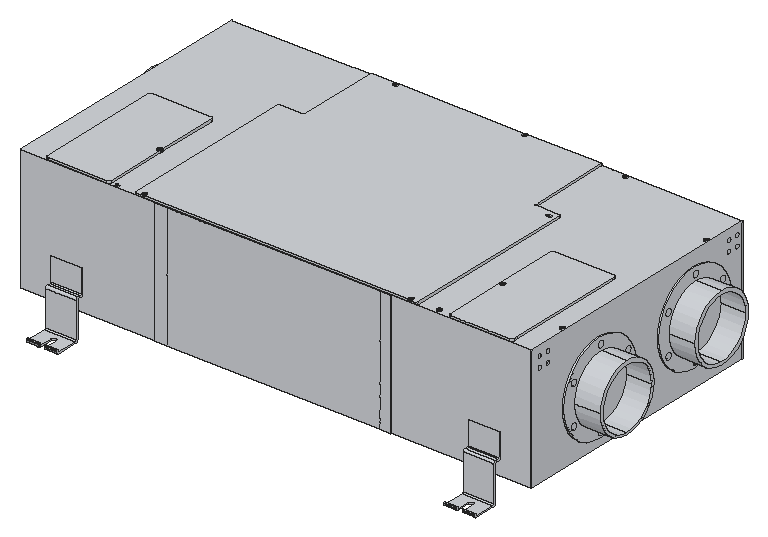
Revit family "VCR 180 MC", category Mechanical Equipment, Revit 2019 (continued)
Forms (mm)
  Extrusion 80, solid
    from 369.423 to 373.01
  Extrusion 81, void
    sketch origin (-120, -29.643, -38.665) x (0, 1, 0) y (0, 0, -1)
      loop
        line (122.331, -182.083) -> (121.349, -182.083) -> (121.349, -182.892) -> (122.474, -182.889)
        arc (122.474, -182.889) -> (122.649, -183.345) -> (123.025, -183.656) r 0.958
        line (123.025, -183.656) -> (123.025, -184.68) -> (123.838, -184.68) -> (123.835, -183.555)
        arc (123.835, -183.555) -> (124.324, -183.404) -> (124.625, -182.991) r 0.81
        line (124.625, -182.991) -> (125.625, -182.991) -> (125.625, -182.191) -> (124.499, -182.194)
        arc (124.499, -182.194) -> (124.349, -181.714) -> (123.968, -181.386) r 0.912
        line (123.968, -181.386) -> (123.968, -180.404) -> (123.14, -180.404) -> (123.14, -181.275)
        arc (123.14, -181.275) -> (122.682, -181.625) -> (122.331, -182.083) r 2.186
    from 370.965 to 378.258
  Extrusion 82, solid
    sketch origin (-120, -29.643, -114.753) x (0, 1, 0) y (0, 0, -1)
      loop
        arc (123.489, -187.956) -> (127.31, -186.369) -> (128.891, -182.546) r 5.407
        arc (128.891, -182.546) -> (127.313, -178.72) -> (123.489, -177.137) r 5.397
        arc (123.489, -177.137) -> (119.662, -178.719) -> (118.079, -182.546) r 5.404
        arc (118.079, -182.546) -> (119.665, -186.37) -> (123.489, -187.956) r 5.414
    from 369.423 to 373.01
  Extrusion 83, void
    sketch origin (-120, -29.643, -114.753) x (0, 1, 0) y (0, 0, -1)
      loop
        line (122.331, -182.083) -> (121.349, -182.083) -> (121.349, -182.892) -> (122.474, -182.889)
        arc (122.474, -182.889) -> (122.649, -183.345) -> (123.025, -183.656) r 0.958
        line (123.025, -183.656) -> (123.025, -184.68) -> (123.838, -184.68) -> (123.835, -183.555)
        arc (123.835, -183.555) -> (124.324, -183.404) -> (124.625, -182.991) r 0.81
        line (124.625, -182.991) -> (125.625, -182.991) -> (125.625, -182.191) -> (124.499, -182.194)
        arc (124.499, -182.194) -> (124.349, -181.714) -> (123.968, -181.386) r 0.912
        line (123.968, -181.386) -> (123.968, -180.404) -> (123.14, -180.404) -> (123.14, -181.275)
        arc (123.14, -181.275) -> (122.682, -181.625) -> (122.331, -182.083) r 2.186
    from 370.965 to 378.258
  Extrusion 84, solid
    sketch origin (-120, 36.247, -152.792) x (0, 1, 0) y (0, 0, -1)
      loop
        arc (123.489, -187.956) -> (127.31, -186.369) -> (128.891, -182.546) r 5.407
        arc (128.891, -182.546) -> (127.313, -178.72) -> (123.489, -177.137) r 5.397
        arc (123.489, -177.137) -> (119.662, -178.719) -> (118.079, -182.546) r 5.404
        arc (118.079, -182.546) -> (119.665, -186.37) -> (123.489, -187.956) r 5.414
    from 369.423 to 373.01
  Extrusion 85, void
    sketch origin (-120, 36.247, -152.792) x (0, 1, 0) y (0, 0, -1)
      loop
        line (122.331, -182.083) -> (121.349, -182.083) -> (121.349, -182.892) -> (122.474, -182.889)
        arc (122.474, -182.889) -> (122.649, -183.345) -> (123.025, -183.656) r 0.958
        line (123.025, -183.656) -> (123.025, -184.68) -> (123.838, -184.68) -> (123.835, -183.555)
        arc (123.835, -183.555) -> (124.324, -183.404) -> (124.625, -182.991) r 0.81
        line (124.625, -182.991) -> (125.625, -182.991) -> (125.625, -182.191) -> (124.499, -182.194)
        arc (124.499, -182.194) -> (124.349, -181.714) -> (123.968, -181.386) r 0.912
        line (123.968, -181.386) -> (123.968, -180.404) -> (123.14, -180.404) -> (123.14, -181.275)
        arc (123.14, -181.275) -> (122.682, -181.625) -> (122.331, -182.083) r 2.186
    from 370.965 to 378.258
  Extrusion 86, solid
    sketch origin (-120, 102.136, -114.755) x (0, 1, 0) y (0, 0, -1)
      loop
        arc (123.489, -187.956) -> (127.31, -186.369) -> (128.891, -182.546) r 5.407
        arc (128.891, -182.546) -> (127.313, -178.72) -> (123.489, -177.137) r 5.397
        arc (123.489, -177.137) -> (119.662, -178.719) -> (118.079, -182.546) r 5.404
        arc (118.079, -182.546) -> (119.665, -186.37) -> (123.489, -187.956) r 5.414
    from 369.423 to 373.01
  Extrusion 87, void
    sketch origin (-120, 102.136, -114.755) x (0, 1, 0) y (0, 0, -1)
      loop
        line (122.331, -182.083) -> (121.349, -182.083) -> (121.349, -182.892) -> (122.474, -182.889)
        arc (122.474, -182.889) -> (122.649, -183.345) -> (123.025, -183.656) r 0.958
        line (123.025, -183.656) -> (123.025, -184.68) -> (123.838, -184.68) -> (123.835, -183.555)
        arc (123.835, -183.555) -> (124.324, -183.404) -> (124.625, -182.991) r 0.81
        line (124.625, -182.991) -> (125.625, -182.991) -> (125.625, -182.191) -> (124.499, -182.194)
        arc (124.499, -182.194) -> (124.349, -181.714) -> (123.968, -181.386) r 0.912
        line (123.968, -181.386) -> (123.968, -180.404) -> (123.14, -180.404) -> (123.14, -181.275)
        arc (123.14, -181.275) -> (122.682, -181.625) -> (122.331, -182.083) r 2.186
    from 370.965 to 378.258
  Extrusion 88, solid
    sketch origin (-120, 102.136, -38.665) x (0, 1, 0) y (0, 0, -1)
      loop
        arc (123.489, -187.956) -> (127.31, -186.369) -> (128.891, -182.546) r 5.407
        arc (128.891, -182.546) -> (127.313, -178.72) -> (123.489, -177.137) r 5.397
        arc (123.489, -177.137) -> (119.662, -178.719) -> (118.079, -182.546) r 5.404
        arc (118.079, -182.546) -> (119.665, -186.37) -> (123.489, -187.956) r 5.414
    from 369.423 to 373.01
  Extrusion 89, void
    sketch origin (-120, 102.136, -38.665) x (0, 1, 0) y (0, 0, -1)
      loop
        line (122.331, -182.083) -> (121.349, -182.083) -> (121.349, -182.892) -> (122.474, -182.889)
        arc (122.474, -182.889) -> (122.649, -183.345) -> (123.025, -183.656) r 0.958
        line (123.025, -183.656) -> (123.025, -184.68) -> (123.838, -184.68) -> (123.835, -183.555)
        arc (123.835, -183.555) -> (124.324, -183.404) -> (124.625, -182.991) r 0.81
        line (124.625, -182.991) -> (125.625, -182.991) -> (125.625, -182.191) -> (124.499, -182.194)
        arc (124.499, -182.194) -> (124.349, -181.714) -> (123.968, -181.386) r 0.912
        line (123.968, -181.386) -> (123.968, -180.404) -> (123.14, -180.404) -> (123.14, -181.275)
        arc (123.14, -181.275) -> (122.682, -181.625) -> (122.331, -182.083) r 2.186
    from 370.965 to 378.258
  Extrusion 90, solid
    sketch origin (-120, 199.756, -17.281) x (0, 1, 0) y (0, 0, -1)
      loop
        arc (123.489, -187.956) -> (127.31, -186.369) -> (128.891, -182.546) r 5.407
        arc (128.891, -182.546) -> (127.313, -178.72) -> (123.489, -177.137) r 5.397
        arc (123.489, -177.137) -> (119.662, -178.719) -> (118.079, -182.546) r 5.404
        arc (118.079, -182.546) -> (119.665, -186.37) -> (123.489, -187.956) r 5.414
    from 369.423 to 373.01
  Extrusion 91, void
    sketch origin (-120, 199.756, -17.281) x (0, 1, 0) y (0, 0, -1)
      loop
        line (122.331, -182.083) -> (121.349, -182.083) -> (121.349, -182.892) -> (122.474, -182.889)
        arc (122.474, -182.889) -> (122.649, -183.345) -> (123.025, -183.656) r 0.958
        line (123.025, -183.656) -> (123.025, -184.68) -> (123.838, -184.68) -> (123.835, -183.555)
        arc (123.835, -183.555) -> (124.324, -183.404) -> (124.625, -182.991) r 0.81
        line (124.625, -182.991) -> (125.625, -182.991) -> (125.625, -182.191) -> (124.499, -182.194)
        arc (124.499, -182.194) -> (124.349, -181.714) -> (123.968, -181.386) r 0.912
        line (123.968, -181.386) -> (123.968, -180.404) -> (123.14, -180.404) -> (123.14, -181.275)
        arc (123.14, -181.275) -> (122.682, -181.625) -> (122.331, -182.083) r 2.186
    from 370.965 to 378.258
  Extrusion 92, solid
    sketch origin (-120, 265.649, 20.759) x (0, 1, 0) y (0, 0, -1)
      loop
        arc (123.489, -187.956) -> (127.31, -186.369) -> (128.891, -182.546) r 5.407
        arc (128.891, -182.546) -> (127.313, -178.72) -> (123.489, -177.137) r 5.397
        arc (123.489, -177.137) -> (119.662, -178.719) -> (118.079, -182.546) r 5.404
        arc (118.079, -182.546) -> (119.665, -186.37) -> (123.489, -187.956) r 5.414
    from 369.423 to 373.01
  Extrusion 93, void
    sketch origin (-120, 265.649, 20.759) x (0, 1, 0) y (0, 0, -1)
      loop
        line (122.331, -182.083) -> (121.349, -182.083) -> (121.349, -182.892) -> (122.474, -182.889)
        arc (122.474, -182.889) -> (122.649, -183.345) -> (123.025, -183.656) r 0.958
        line (123.025, -183.656) -> (123.025, -184.68) -> (123.838, -184.68) -> (123.835, -183.555)
        arc (123.835, -183.555) -> (124.324, -183.404) -> (124.625, -182.991) r 0.81
        line (124.625, -182.991) -> (125.625, -182.991) -> (125.625, -182.191) -> (124.499, -182.194)
        arc (124.499, -182.194) -> (124.349, -181.714) -> (123.968, -181.386) r 0.912
        line (123.968, -181.386) -> (123.968, -180.404) -> (123.14, -180.404) -> (123.14, -181.275)
        arc (123.14, -181.275) -> (122.682, -181.625) -> (122.331, -182.083) r 2.186
    from 370.965 to 378.258
  Extrusion 94, solid
    sketch origin (-120, 199.756, -93.369) x (0, 1, 0) y (0, 0, -1)
      loop
        arc (123.489, -187.956) -> (127.31, -186.369) -> (128.891, -182.546) r 5.407
        arc (128.891, -182.546) -> (127.313, -178.72) -> (123.489, -177.137) r 5.397
        arc (123.489, -177.137) -> (119.662, -178.719) -> (118.079, -182.546) r 5.404
        arc (118.079, -182.546) -> (119.665, -186.37) -> (123.489, -187.956) r 5.414
    from 369.423 to 373.01
  Extrusion 95, void
    sketch origin (-120, 199.756, -93.369) x (0, 1, 0) y (0, 0, -1)
      loop
        line (122.331, -182.083) -> (121.349, -182.083) -> (121.349, -182.892) -> (122.474, -182.889)
        arc (122.474, -182.889) -> (122.649, -183.345) -> (123.025, -183.656) r 0.958
        line (123.025, -183.656) -> (123.025, -184.68) -> (123.838, -184.68) -> (123.835, -183.555)
        arc (123.835, -183.555) -> (124.324, -183.404) -> (124.625, -182.991) r 0.81
        line (124.625, -182.991) -> (125.625, -182.991) -> (125.625, -182.191) -> (124.499, -182.194)
        arc (124.499, -182.194) -> (124.349, -181.714) -> (123.968, -181.386) r 0.912
        line (123.968, -181.386) -> (123.968, -180.404) -> (123.14, -180.404) -> (123.14, -181.275)
        arc (123.14, -181.275) -> (122.682, -181.625) -> (122.331, -182.083) r 2.186
    from 370.965 to 378.258
  Extrusion 96, solid
    sketch origin (-120, 265.649, -131.409) x (0, 1, 0) y (0, 0, -1)
      loop
        arc (123.489, -187.956) -> (127.31, -186.369) -> (128.891, -182.546) r 5.407
        arc (128.891, -182.546) -> (127.313, -178.72) -> (123.489, -177.137) r 5.397
        arc (123.489, -177.137) -> (119.662, -178.719) -> (118.079, -182.546) r 5.404
        arc (118.079, -182.546) -> (119.665, -186.37) -> (123.489, -187.956) r 5.414
    from 369.423 to 373.01
  Extrusion 97, void
    sketch origin (-120, 265.649, -131.409) x (0, 1, 0) y (0, 0, -1)
      loop
        line (122.331, -182.083) -> (121.349, -182.083) -> (121.349, -182.892) -> (122.474, -182.889)
        arc (122.474, -182.889) -> (122.649, -183.345) -> (123.025, -183.656) r 0.958
        line (123.025, -183.656) -> (123.025, -184.68) -> (123.838, -184.68) -> (123.835, -183.555)
        arc (123.835, -183.555) -> (124.324, -183.404) -> (124.625, -182.991) r 0.81
        line (124.625, -182.991) -> (125.625, -182.991) -> (125.625, -182.191) -> (124.499, -182.194)
        arc (124.499, -182.194) -> (124.349, -181.714) -> (123.968, -181.386) r 0.912
        line (123.968, -181.386) -> (123.968, -180.404) -> (123.14, -180.404) -> (123.14, -181.275)
        arc (123.14, -181.275) -> (122.682, -181.625) -> (122.331, -182.083) r 2.186
    from 370.965 to 378.258
  Extrusion 98, solid
    sketch origin (-120, 331.539, -93.371) x (0, 1, 0) y (0, 0, -1)
      loop
        arc (123.489, -187.956) -> (127.31, -186.369) -> (128.891, -182.546) r 5.407
        arc (128.891, -182.546) -> (127.313, -178.72) -> (123.489, -177.137) r 5.397
        arc (123.489, -177.137) -> (119.662, -178.719) -> (118.079, -182.546) r 5.404
        arc (118.079, -182.546) -> (119.665, -186.37) -> (123.489, -187.956) r 5.414
    from 369.423 to 373.01
  Extrusion 99, void
    sketch origin (-120, 331.539, -93.371) x (0, 1, 0) y (0, 0, -1)
      loop
        line (122.331, -182.083) -> (121.349, -182.083) -> (121.349, -182.892) -> (122.474, -182.889)
        arc (122.474, -182.889) -> (122.649, -183.345) -> (123.025, -183.656) r 0.958
        line (123.025, -183.656) -> (123.025, -184.68) -> (123.838, -184.68) -> (123.835, -183.555)
        arc (123.835, -183.555) -> (124.324, -183.404) -> (124.625, -182.991) r 0.81
        line (124.625, -182.991) -> (125.625, -182.991) -> (125.625, -182.191) -> (124.499, -182.194)
        arc (124.499, -182.194) -> (124.349, -181.714) -> (123.968, -181.386) r 0.912
        line (123.968, -181.386) -> (123.968, -180.404) -> (123.14, -180.404) -> (123.14, -181.275)
        arc (123.14, -181.275) -> (122.682, -181.625) -> (122.331, -182.083) r 2.186
    from 370.965 to 378.258
  Extrusion 100, solid
    sketch origin (-120, 331.539, -17.281) x (0, 1, 0) y (0, 0, -1)
      loop
        arc (123.489, -187.956) -> (127.31, -186.369) -> (128.891, -182.546) r 5.407
        arc (128.891, -182.546) -> (127.313, -178.72) -> (123.489, -177.137) r 5.397
        arc (123.489, -177.137) -> (119.662, -178.719) -> (118.079, -182.546) r 5.404
        arc (118.079, -182.546) -> (119.665, -186.37) -> (123.489, -187.956) r 5.414
    from 369.423 to 373.01
  Extrusion 101, void
    sketch origin (-120, 331.539, -17.281) x (0, 1, 0) y (0, 0, -1)
      loop
        line (122.331, -182.083) -> (121.349, -182.083) -> (121.349, -182.892) -> (122.474, -182.889)
        arc (122.474, -182.889) -> (122.649, -183.345) -> (123.025, -183.656) r 0.958
        line (123.025, -183.656) -> (123.025, -184.68) -> (123.838, -184.68) -> (123.835, -183.555)
        arc (123.835, -183.555) -> (124.324, -183.404) -> (124.625, -182.991) r 0.81
        line (124.625, -182.991) -> (125.625, -182.991) -> (125.625, -182.191) -> (124.499, -182.194)
        arc (124.499, -182.194) -> (124.349, -181.714) -> (123.968, -181.386) r 0.912
        line (123.968, -181.386) -> (123.968, -180.404) -> (123.14, -180.404) -> (123.14, -181.275)
        arc (123.14, -181.275) -> (122.682, -181.625) -> (122.331, -182.083) r 2.186
    from 370.965 to 378.258
  Extrusion 102, solid
    sketch origin (24.779, 0, 0) x (0, 1, 0) y (0, 0, -1)
      loop
        arc (499.506, -222.193) -> (498.64, -220.102) -> (496.549, -219.237) r 2.956
        arc (496.549, -219.237) -> (494.457, -220.102) -> (493.592, -222.193) r 2.956
        arc (493.592, -222.193) -> (494.456, -224.286) -> (496.549, -225.15) r 2.951
        arc (496.549, -225.15) -> (498.641, -224.286) -> (499.506, -222.193) r 2.951
    from 508.973 to 510.667
  Extrusion 103, void
    sketch origin (24.779, 0, 0) x (0, 1, 0) y (0, 0, -1)
      loop
        arc (498.14, -222.197) -> (497.674, -221.071) -> (496.549, -220.606) r 1.588
        arc (496.549, -220.606) -> (495.426, -221.072) -> (494.965, -222.197) r 1.582
        arc (494.965, -222.197) -> (495.427, -223.32) -> (496.549, -223.788) r 1.587
        arc (496.549, -223.788) -> (497.673, -223.321) -> (498.14, -222.197) r 1.593
    from 508.973 to 512.718
  Extrusion 104, solid
    sketch origin (24.779, 0, -19.886) x (0, 1, 0) y (0, 0, -1)
      loop
        arc (499.506, -222.193) -> (498.64, -220.102) -> (496.549, -219.237) r 2.956
        arc (496.549, -219.237) -> (494.457, -220.102) -> (493.592, -222.193) r 2.956
        arc (493.592, -222.193) -> (494.456, -224.286) -> (496.549, -225.15) r 2.951
        arc (496.549, -225.15) -> (498.641, -224.286) -> (499.506, -222.193) r 2.951
    from 508.973 to 510.667
  Extrusion 105, void
    sketch origin (24.779, 0, -19.886) x (0, 1, 0) y (0, 0, -1)
      loop
        arc (498.14, -222.197) -> (497.674, -221.071) -> (496.549, -220.606) r 1.588
        arc (496.549, -220.606) -> (495.426, -221.072) -> (494.965, -222.197) r 1.582
        arc (494.965, -222.197) -> (495.427, -223.32) -> (496.549, -223.788) r 1.587
        arc (496.549, -223.788) -> (497.673, -223.321) -> (498.14, -222.197) r 1.593
    from 508.973 to 512.718
  Extrusion 106, solid
    sketch origin (0, -19.714, 0) x (0, 1, 0) y (0, 0, 1)
      loop
        arc (499.506, 222.193) -> (498.641, 224.286) -> (496.549, 225.15) r 2.951
        arc (496.549, 225.15) -> (494.456, 224.286) -> (493.592, 222.193) r 2.951
        arc (493.592, 222.193) -> (494.457, 220.102) -> (496.549, 219.237) r 2.956
        arc (496.549, 219.237) -> (498.64, 220.102) -> (499.506, 222.193) r 2.956
    from 508.973 to 510.667
  Extrusion 107, void
    sketch origin (0, -19.714, 0) x (0, 1, 0) y (0, 0, 1)
      loop
        arc (498.14, 222.197) -> (497.673, 223.321) -> (496.549, 223.788) r 1.593
        arc (496.549, 223.788) -> (495.427, 223.32) -> (494.965, 222.197) r 1.587
        arc (494.965, 222.197) -> (495.426, 221.072) -> (496.549, 220.606) r 1.582
        arc (496.549, 220.606) -> (497.674, 221.071) -> (498.14, 222.197) r 1.588
    from 508.973 to 512.718
  Extrusion 108, solid
    sketch origin (24.779, -19.714, 0) x (0, 1, 0) y (0, 0, -1)
      loop
        arc (499.506, -222.193) -> (498.64, -220.102) -> (496.549, -219.237) r 2.956
        arc (496.549, -219.237) -> (494.457, -220.102) -> (493.592, -222.193) r 2.956
        arc (493.592, -222.193) -> (494.456, -224.286) -> (496.549, -225.15) r 2.951
        arc (496.549, -225.15) -> (498.641, -224.286) -> (499.506, -222.193) r 2.951
    from 508.973 to 510.667
  Extrusion 109, void
    sketch origin (24.779, -19.714, 0) x (0, 1, 0) y (0, 0, -1)
      loop
        arc (498.14, -222.197) -> (497.674, -221.071) -> (496.549, -220.606) r 1.588
        arc (496.549, -220.606) -> (495.426, -221.072) -> (494.965, -222.197) r 1.582
        arc (494.965, -222.197) -> (495.427, -223.32) -> (496.549, -223.788) r 1.587
        arc (496.549, -223.788) -> (497.673, -223.321) -> (498.14, -222.197) r 1.593
    from 508.973 to 512.718
  Extrusion 110, solid
    sketch origin (24.779, -19.714, -19.886) x (0, 1, 0) y (0, 0, -1)
      loop
        arc (499.506, -222.193) -> (498.64, -220.102) -> (496.549, -219.237) r 2.956
        arc (496.549, -219.237) -> (494.457, -220.102) -> (493.592, -222.193) r 2.956
        arc (493.592, -222.193) -> (494.456, -224.286) -> (496.549, -225.15) r 2.951
        arc (496.549, -225.15) -> (498.641, -224.286) -> (499.506, -222.193) r 2.951
    from 508.973 to 510.667
  Extrusion 111, void
    sketch origin (24.779, -19.714, -19.886) x (0, 1, 0) y (0, 0, -1)
      loop
        arc (498.14, -222.197) -> (497.674, -221.071) -> (496.549, -220.606) r 1.588
        arc (496.549, -220.606) -> (495.426, -221.072) -> (494.965, -222.197) r 1.582
        arc (494.965, -222.197) -> (495.427, -223.32) -> (496.549, -223.788) r 1.587
        arc (496.549, -223.788) -> (497.673, -223.321) -> (498.14, -222.197) r 1.593
    from 508.973 to 512.718
  Extrusion 112, solid
    sketch origin (0, -459.375, 0) x (0, 1, 0) y (0, 0, 1)
      loop
        arc (499.506, 222.193) -> (498.641, 224.286) -> (496.549, 225.15) r 2.951
        arc (496.549, 225.15) -> (494.456, 224.286) -> (493.592, 222.193) r 2.951
        arc (493.592, 222.193) -> (494.457, 220.102) -> (496.549, 219.237) r 2.956
        arc (496.549, 219.237) -> (498.64, 220.102) -> (499.506, 222.193) r 2.956
    from 508.973 to 510.667
  Extrusion 113, void
    sketch origin (0, -459.375, 0) x (0, 1, 0) y (0, 0, 1)
      loop
        arc (498.14, 222.197) -> (497.673, 223.321) -> (496.549, 223.788) r 1.593
        arc (496.549, 223.788) -> (495.427, 223.32) -> (494.965, 222.197) r 1.587
        arc (494.965, 222.197) -> (495.426, 221.072) -> (496.549, 220.606) r 1.582
        arc (496.549, 220.606) -> (497.674, 221.071) -> (498.14, 222.197) r 1.588
    from 508.973 to 512.718
  Extrusion 114, solid
    sketch origin (0, -459.375, -19.886) x (0, 1, 0) y (0, 0, 1)
      loop
        arc (499.506, 222.193) -> (498.641, 224.286) -> (496.549, 225.15) r 2.951
        arc (496.549, 225.15) -> (494.456, 224.286) -> (493.592, 222.193) r 2.951
        arc (493.592, 222.193) -> (494.457, 220.102) -> (496.549, 219.237) r 2.956
        arc (496.549, 219.237) -> (498.64, 220.102) -> (499.506, 222.193) r 2.956
    from 508.973 to 510.667
  Extrusion 115, void
    sketch origin (0, -459.375, -19.886) x (0, 1, 0) y (0, 0, 1)
      loop
        arc (498.14, 222.197) -> (497.673, 223.321) -> (496.549, 223.788) r 1.593
        arc (496.549, 223.788) -> (495.427, 223.32) -> (494.965, 222.197) r 1.587
        arc (494.965, 222.197) -> (495.426, 221.072) -> (496.549, 220.606) r 1.582
        arc (496.549, 220.606) -> (497.674, 221.071) -> (498.14, 222.197) r 1.588
    from 508.973 to 512.718
  Extrusion 116, solid
    sketch origin (24.779, -459.375, 0) x (0, 1, 0) y (0, 0, -1)
      loop
        arc (499.506, -222.193) -> (498.64, -220.102) -> (496.549, -219.237) r 2.956
        arc (496.549, -219.237) -> (494.457, -220.102) -> (493.592, -222.193) r 2.956
        arc (493.592, -222.193) -> (494.456, -224.286) -> (496.549, -225.15) r 2.951
        arc (496.549, -225.15) -> (498.641, -224.286) -> (499.506, -222.193) r 2.951
    from 508.973 to 510.667
  Extrusion 117, void
    sketch origin (24.779, -459.375, 0) x (0, 1, 0) y (0, 0, -1)
      loop
        arc (498.14, -222.197) -> (497.674, -221.071) -> (496.549, -220.606) r 1.588
        arc (496.549, -220.606) -> (495.426, -221.072) -> (494.965, -222.197) r 1.582
        arc (494.965, -222.197) -> (495.427, -223.32) -> (496.549, -223.788) r 1.587
        arc (496.549, -223.788) -> (497.673, -223.321) -> (498.14, -222.197) r 1.593
    from 508.973 to 512.718
  Extrusion 118, solid
    sketch origin (24.779, -459.375, -19.886) x (0, 1, 0) y (0, 0, -1)
      loop
        arc (499.506, -222.193) -> (498.64, -220.102) -> (496.549, -219.237) r 2.956
        arc (496.549, -219.237) -> (494.457, -220.102) -> (493.592, -222.193) r 2.956
        arc (493.592, -222.193) -> (494.456, -224.286) -> (496.549, -225.15) r 2.951
        arc (496.549, -225.15) -> (498.641, -224.286) -> (499.506, -222.193) r 2.951
    from 508.973 to 510.667
  Extrusion 119, void
    sketch origin (24.779, -459.375, -19.886) x (0, 1, 0) y (0, 0, -1)
      loop
        arc (498.14, -222.197) -> (497.674, -221.071) -> (496.549, -220.606) r 1.588
        arc (496.549, -220.606) -> (495.426, -221.072) -> (494.965, -222.197) r 1.582
        arc (494.965, -222.197) -> (495.427, -223.32) -> (496.549, -223.788) r 1.587
        arc (496.549, -223.788) -> (497.673, -223.321) -> (498.14, -222.197) r 1.593
    from 508.973 to 512.718
  Extrusion 120, solid
    sketch origin (24.779, -479.089, 0) x (0, 1, 0) y (0, 0, -1)
      loop
        arc (499.506, -222.193) -> (498.64, -220.102) -> (496.549, -219.237) r 2.956
        arc (496.549, -219.237) -> (494.457, -220.102) -> (493.592, -222.193) r 2.956
        arc (493.592, -222.193) -> (494.456, -224.286) -> (496.549, -225.15) r 2.951
        arc (496.549, -225.15) -> (498.641, -224.286) -> (499.506, -222.193) r 2.951
    from 508.973 to 510.667
  Extrusion 121, void
    sketch origin (24.779, -479.089, 0) x (0, 1, 0) y (0, 0, -1)
      loop
        arc (498.14, -222.197) -> (497.674, -221.071) -> (496.549, -220.606) r 1.588
        arc (496.549, -220.606) -> (495.426, -221.072) -> (494.965, -222.197) r 1.582
        arc (494.965, -222.197) -> (495.427, -223.32) -> (496.549, -223.788) r 1.587
        arc (496.549, -223.788) -> (497.673, -223.321) -> (498.14, -222.197) r 1.593
    from 508.973 to 512.718
  Extrusion 122, solid
    sketch origin (24.779, -479.089, -19.886) x (0, 1, 0) y (0, 0, -1)
      loop
        arc (499.506, -222.193) -> (498.64, -220.102) -> (496.549, -219.237) r 2.956
        arc (496.549, -219.237) -> (494.457, -220.102) -> (493.592, -222.193) r 2.956
        arc (493.592, -222.193) -> (494.456, -224.286) -> (496.549, -225.15) r 2.951
        arc (496.549, -225.15) -> (498.641, -224.286) -> (499.506, -222.193) r 2.951
    from 508.973 to 510.667
  Extrusion 123, void
    sketch origin (24.779, -479.089, -19.886) x (0, 1, 0) y (0, 0, -1)
      loop
        arc (498.14, -222.197) -> (497.674, -221.071) -> (496.549, -220.606) r 1.588
        arc (496.549, -220.606) -> (495.426, -221.072) -> (494.965, -222.197) r 1.582
        arc (494.965, -222.197) -> (495.427, -223.32) -> (496.549, -223.788) r 1.587
        arc (496.549, -223.788) -> (497.673, -223.321) -> (498.14, -222.197) r 1.593
    from 508.973 to 512.718
Cuts and joins
  Extrusion 9, Extrusion 10 cuts Extrusion 6
  Extrusion 10, Extrusion 11 cuts Extrusion 8
  Extrusion 11, Extrusion 12 cuts Extrusion 7
  Extrusion 12 cuts Extrusion 5
  Extrusion 18, Extrusion 19, Extrusion 21, Extrusion 23, Extrusion 25, Extrusion 27, Extrusion 32, Extrusion 35, Extrusion 59, Extrusion 61, Extrusion 63, Extrusion 65, Extrusion 67, Extrusion 69, Extrusion 71, Extrusion 103, Extrusion 105, Extrusion 107, Extrusion 109, Extrusion 111, Extrusion 113, Extrusion 115, Extrusion 117, Extrusion 119, Extrusion 121, Extrusion 123 cuts Extrusion 3
  Extrusion 13, Extrusion 15 cuts Extrusion 1
  Extrusion 13, Extrusion 15 cuts Extrusion 14
  Extrusion 15 cuts Extrusion 16
  Extrusion 18 cuts Extrusion 4
  Extrusion 18 cuts Extrusion 17
  Extrusion 19 cuts Extrusion 2
  Extrusion 21 cuts Extrusion 20
  Extrusion 23, Extrusion 25 cuts Extrusion 22
  Extrusion 25, Extrusion 27 cuts Extrusion 24
  Extrusion 27 cuts Extrusion 26
  Extrusion 32, Extrusion 33, Extrusion 76 cuts Extrusion 30
  Extrusion 33, Extrusion 77 cuts Extrusion 31
  Extrusion 35, Extrusion 37, Extrusion 79 cuts Extrusion 34
  Extrusion 37, Extrusion 39 cuts Extrusion 36
  Extrusion 39, Extrusion 41 cuts Extrusion 38
  Extrusion 41, Extrusion 43 cuts Extrusion 40
  Extrusion 43, Extrusion 45 cuts Extrusion 42
  Extrusion 45, Extrusion 47 cuts Extrusion 44
  Extrusion 47, Extrusion 49 cuts Extrusion 46
  Extrusion 49, Extrusion 51 cuts Extrusion 48
  Extrusion 51, Extrusion 53 cuts Extrusion 50
  Extrusion 53, Extrusion 55 cuts Extrusion 52
  Extrusion 55, Extrusion 57 cuts Extrusion 54
  Extrusion 57 cuts Extrusion 56
  Extrusion 59 cuts Extrusion 58
  Extrusion 61 cuts Extrusion 60
  Extrusion 63 cuts Extrusion 62
  Extrusion 65 cuts Extrusion 64
  Extrusion 67 cuts Extrusion 66
  Extrusion 69 cuts Extrusion 68
  Extrusion 71 cuts Extrusion 70
  Extrusion 76 cuts Extrusion 74
  Extrusion 77 cuts Extrusion 75
  Extrusion 79, Extrusion 81 cuts Extrusion 78
  Extrusion 81, Extrusion 83 cuts Extrusion 80
  Extrusion 83, Extrusion 85 cuts Extrusion 82
  Extrusion 85, Extrusion 87 cuts Extrusion 84
  Extrusion 87, Extrusion 89 cuts Extrusion 86
  Extrusion 89, Extrusion 91 cuts Extrusion 88
  Extrusion 91, Extrusion 93 cuts Extrusion 90
  Extrusion 93, Extrusion 95 cuts Extrusion 92
  Extrusion 95, Extrusion 97 cuts Extrusion 94
  Extrusion 97, Extrusion 99 cuts Extrusion 96
  Extrusion 99, Extrusion 101 cuts Extrusion 98
  Extrusion 101 cuts Extrusion 100
  Extrusion 103 cuts Extrusion 102
  Extrusion 105 cuts Extrusion 104
  Extrusion 107 cuts Extrusion 106
  Extrusion 109 cuts Extrusion 108
  Extrusion 111 cuts Extrusion 110
  Extrusion 113 cuts Extrusion 112
  Extrusion 115 cuts Extrusion 114
  Extrusion 117 cuts Extrusion 116
  Extrusion 119 cuts Extrusion 118
  Extrusion 121 cuts Extrusion 120
  Extrusion 123 cuts Extrusion 122
Dimensions and locks
  aligned and locked: level to plane 2
  aligned and locked: cut or joined group of Extrusion 31, Extrusion 33, Extrusion 77 to Extrusion 29
  aligned and locked: cut or joined group of Extrusion 30, Extrusion 32, Extrusion 33, Extrusion 76 to Extrusion 28
